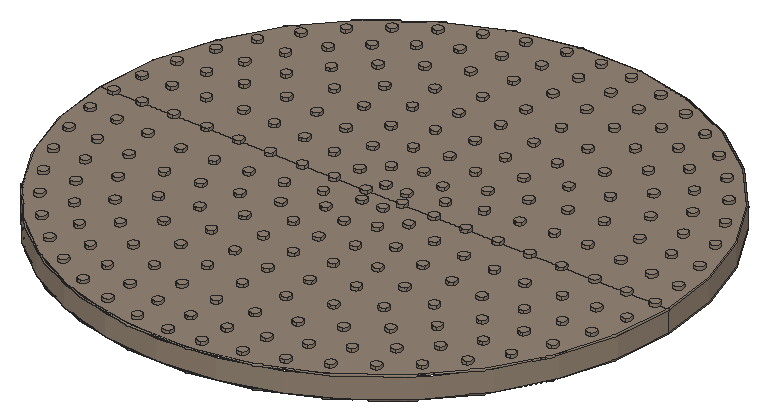
Revit family "Reece_Shower_Milli_Mood Edit_Shower Head_250 mm", category Plumbing Fixtures, host Face, Revit 2018
Family settings
  Host = Face
  Round Connector Dimension = Use Diameter
  Part Type = Normal
  Cut with Voids When Loaded = No
  Shared = Yes
  Room Calculation Point = Yes
Parameters (values of type "PVD Brushed Bronze")
  WFU = 0  # constant formula
  URL = "https://www.reece.com.au/product/-9511160"
  Reece_Shower_Inlet = 12 mm  # constant formula
  Reece_Product_Web Page = "https://www.reece.com.au/product/-9511160"
  Reece_Product_Sub Brand = "Mood Edit"  # constant formula
  Reece_Product_Number = "9511160"
  Reece_Product_Mount = "Ceiling Mounted"
  Reece_Product_Description = "Milli Mood Edit Shower Head 250mm PVD Brushed Bronze (3 Star)"
  Reece_Product_Brand = "Milli"  # constant formula
  Reece_Overall_Height = 60 mm  # constant formula
  Reece_Overall_Diameter = 250 mm  # constant formula
  Reece_Material_Main = Reece_PVD_Brushed Bronze
  Reece_Detail_Disclaimer = "THIS FILE IS THE PROPERTY OF THE REECE GROUP. IT MAY NOT BE REPRODUCED, REVERSE-ENGINEERED OR MODIFIED. ANY REPUBLICATION, TRANSMISSION OR DISTRIBUTION FOR THE PURPOSE OF COMMERCIALLY EXPLOITING THE FILES IS PROHIBITED."  # constant formula
  Reece_Detail_Additional = "Shower Head"  # constant formula
  Model = "Mood Edit"
  Manufacturer = "Milli"
  Keynote = "Product #9511160, Reece_Shower_Milli_Mood Edit_Shower Head_250 mm - PVD Brushed Bronze"
  HWFU = 0  # constant formula
  Disclaimer = "THIS FILE IS THE PROPERTY OF THE REECE GROUP. IT MAY NOT BE REPRODUCED, REVERSE-ENGINEERED OR MODIFIED. ANY REPUBLICATION, TRANSMISSION OR DISTRIBUTION FOR THE PURPOSE OF COMMERCIALLY EXPLOITING THE FILES IS PROHIBITED."  # constant formula
  Description = "Milli Mood Edit Shower Head 250mm PVD Brushed Bronze (3 Star)"
  Default Elevation = 0 mm
  CWFU = 0  # constant formula
Types (9, lengths in mm): name | URL | Reece_Product_Web Page | Reece_Product_Number | Reece_Product_Description | Reece_Material_Main | Keynote | Description
  Chrome | "https://www.reece.com.au/product/-2299614" | "https://www.reece.com.au/product/-2299614" | "2299614" | "Milli Mood Edit Shower Head 250mm Chrome (3 Star)" | Reece_Brass_Chrome | "Product #2299614, Reece_Shower_Milli_Mood Edit_Shower Head_250 mm - Chrome" | "Milli Mood Edit Shower Head 250mm Chrome (3 Star)"
  Brushed Nickel | "https://www.reece.com.au/product/-2299615" | "https://www.reece.com.au/product/-2299615" | "2299615" | "Milli Mood Edit Shower Head 250mm Brushed Nickel (3 Star)" | Reece_Brass_Brushed Nickel | "Product #2299615, Reece_Shower_Milli_Mood Edit_Shower Head_250 mm - Brushed Nickel" | "Milli Mood Edit Shower Head 250mm Brushed Nickel (3 Star)"
  Matte Black | "https://www.reece.com.au/product/-2299617" | "https://www.reece.com.au/product/-2299617" | "2299617" | "Milli Mood Edit Shower Head 250mm Matte Black (3 Star)" | Reece_Brass_Matte Black | "Product #2299617, Reece_Shower_Milli_Mood Edit_Shower Head_250 mm - Matte Black" | "Milli Mood Edit Shower Head 250mm Matte Black (3 Star)"
  Brushed Gunmetal | "https://www.reece.com.au/product/-2299616" | "https://www.reece.com.au/product/-2299616" | "2299616" | "Milli Mood Edit Shower Head 250mm Brushed Gunmetal (3 Star)" | Reece_Brass_Brushed Gunmetal | "Product #2299616, Reece_Shower_Milli_Mood Edit_Shower Head_250 mm - Brushed Gunmetal" | "Milli Mood Edit Shower Head 250mm Brushed Gunmetal (3 Star)"
  PVD Brushed Bronze | "https://www.reece.com.au/product/-9511160" | "https://www.reece.com.au/product/-9511160" | "9511160" | "Milli Mood Edit Shower Head 250mm PVD Brushed Bronze (3 Star)" | Reece_PVD_Brushed Bronze | "Product #9511160, Reece_Shower_Milli_Mood Edit_Shower Head_250 mm - PVD Brushed Bronze" | "Milli Mood Edit Shower Head 250mm PVD Brushed Bronze (3 Star)"
  PVD Brushed Gold | "https://www.reece.com.au/product/-9510975" | "https://www.reece.com.au/product/-9510975" | "9510975" | "Milli Mood Edit Shower Head 250mm PVD Brushed Gold (3 Star)" | Reece_PVD_Brushed Gold | "Product #9510975, Reece_Shower_Milli_Mood Edit_Shower Head_250 mm - PVD Brushed Gold" | "Milli Mood Edit Shower Head 250mm PVD Brushed Gold (3 Star)"
  PVD Brushed Gunmetal | "https://www.reece.com.au/product/-9511834" | "https://www.reece.com.au/product/-9511834" | "9511834" | "Milli Mood Edit Shower Head 250mm PVD Brushed Gunmetal (3 Star)" | Reece_PVD_Brushed Gunmetal | "Product #9511834, Reece_Shower_Milli_Mood Edit_Shower Head_250 mm - PVD Brushed Gunmetal" | "Milli Mood Edit Shower Head 250mm PVD Brushed Gunmetal (3 Star)"
  PVD Brushed Nickel | "https://www.reece.com.au/product/-9511649" | "https://www.reece.com.au/product/-9511649" | "9511649" | "Milli Mood Edit Shower Head 250mm PVD Brushed Nickel (3 Star)" | Reece_PVD_Brushed Nickel | "Product #9511649, Reece_Shower_Milli_Mood Edit_Shower Head_250 mm - PVD Brushed Nickel" | "Milli Mood Edit Shower Head 250mm PVD Brushed Nickel (3 Star)"
  PVD Matte Black | "https://www.reece.com.au/product/-9511464" | "https://www.reece.com.au/product/-9511464" | "9511464" | "Milli Mood Edit Shower Head 250mm PVD Matte Black (3 Star)" | Reece_PVD_Matte Black | "Product #9511464, Reece_Shower_Milli_Mood Edit_Shower Head_250 mm - PVD Matte Black" | "Milli Mood Edit Shower Head 250mm PVD Brushed Nickel (3 Star)"
Reference planes
  plane 1 "Center (Front/Back)": y = 0
  plane 2: z = 0
  plane 3 "Center (Left/Right)": x = 0
  plane 4: z = 60
  plane 5: y = 125
  plane 6: y = -125
  plane 7: x = 125
  plane 8: x = -125
  plane 9: z = 50
Forms (mm)
  Revolve 1, solid, material "Reece_PVD_Brushed Bronze" <- "Reece_Material_Main"
    sketch origin (0, 0, -187) x (1, 0, 0) y (0, 0, 1)
      loop
        line (0, 247) -> (0, 187) -> (11, 187) -> (11, 203) -> (9.387, 203)
        arc (9.387, 203) -> (8.576, 203.415) -> (8.439, 204.316) r 1
        line (8.439, 204.316) -> (9.772, 208.316)
        arc (9.772, 208.316) -> (10.136, 208.811) -> (10.721, 209) r 1
        line (10.721, 209) -> (16, 209)
        arc (16, 209) -> (16.477, 218.25) -> (16, 227.5) r 90
        line (16, 227.5) -> (15, 227.5) -> (15, 228.5) -> (16, 228.5) -> (16, 233.105)
        arc (16, 233.105) -> (16.202, 233.707) -> (16.726, 234.066) r 1
        line (16.726, 234.066) -> (24.324, 236.233)
        arc (24.324, 236.233) -> (27.04, 236.807) -> (29.809, 237) r 20
        line (29.809, 237) -> (124.5, 237)
        arc (124.5, 237) -> (124.854, 237.146) -> (125, 237.5) r 0.5
        line (125, 237.5) -> (125, 246.5)
        arc (125, 246.5) -> (124.854, 246.854) -> (124.5, 247) r 0.5
        line (124.5, 247) -> (0, 247)
      axis (0, 247) -> (0, 187)
    angle from 0 to 360
  Extrusion 2, void
    sketch origin (0, 0, 0) x (1, 0, 0) y (0, 1, 0)
      loop
        line (-10, 3.005) -> (-12, 3.005) -> (-12, -3.005) -> (-10, -3.005) -> (-10, 3.005)
      loop
        line (10, 3.005) -> (10, -3.005) -> (12, -3.005) -> (12, 3.005) -> (10, 3.005)
    from 10 to 16
  Extrusion 3, solid, material "Reece_PVD_Brushed Bronze" <- "Reece_Material_Main", detail levels fine
    sketch origin (2.068, -0.55, 6) x (0.866025, -0.5, 0) y (0.5, 0.866025, 0)
      loop
        circle (9.236, 17.47) r 2
      loop
        circle (-1.292, 20.706) r 2
      loop
        circle (19.65, 27.744) r 2
      loop
        circle (7.167, 33.9) r 2
      loop
        circle (-6.723, 34.811) r 2
      loop
        circle (31.171, 36.357) r 2
      loop
        circle (18.138, 44.821) r 2
      loop
        circle (3.126, 48.844) r 2
      loop
        circle (-12.394, 48.03) r 2
      loop
        circle (42.957, 44.466) r 2
      loop
        circle (29.77, 54.585) r 2
      loop
        circle (14.413, 60.946) r 2
      loop
        circle (-2.066, 63.116) r 2
      loop
        circle (-18.546, 60.946) r 2
      loop
        circle (54.752, 52.149) r 2
      loop
        circle (41.607, 63.465) r 2
      loop
        circle (26.275, 71.575) r 2
      loop
        circle (9.522, 76.064) r 2
      loop
        circle (-7.81, 76.73) r 2
      loop
        circle (-24.854, 73.517) r 2
      loop
        circle (68.722, 58.841) r 2
      loop
        circle (57.332, 70.231) r 2
      loop
        circle (44.137, 79.47) r 2
      loop
        circle (29.539, 86.277) r 2
      loop
        circle (13.98, 90.446) r 2
      loop
        circle (-2.066, 91.85) r 2
      loop
        circle (-18.113, 90.446) r 2
      loop
        circle (-33.671, 86.277) r 2
      loop
        circle (81.577, 65.216) r 2
      loop
        circle (71.368, 76.448) r 2
      loop
        circle (59.468, 85.58) r 2
      loop
        circle (46.704, 94.015) r 2
      loop
        circle (32.752, 99.992) r 2
      loop
        circle (18.091, 103.92) r 2
      loop
        circle (3.02, 105.728) r 2
      loop
        circle (-12.154, 105.37) r 2
      loop
        circle (-27.123, 102.857) r 2
      loop
        circle (-41.583, 98.24) r 2
      loop
        circle (92.91, 70.693) r 2
      loop
        circle (82.525, 82.534) r 2
      loop
        circle (70.684, 92.919) r 2
      loop
        circle (57.588, 101.669) r 2
      loop
        circle (43.462, 108.635) r 2
      loop
        circle (28.548, 113.698) r 2
      loop
        circle (13.101, 116.771) r 2
      loop
        circle (-2.615, 117.801) r 2
      loop
        circle (-18.332, 116.771) r 2
      loop
        circle (-33.779, 113.698) r 2
      loop
        circle (-48.693, 108.635) r 2
      loop
        circle (-23.329, -1.331) r 2
      loop
        circle (-20.868, 9.404) r 2
      loop
        circle (-37.434, -5.214) r 2
      loop
        circle (-36.524, 8.675) r 2
      loop
        circle (-30.368, 21.159) r 2
      loop
        circle (-50.654, -10.885) r 2
      loop
        circle (-51.467, 4.635) r 2
      loop
        circle (-47.445, 19.646) r 2
      loop
        circle (-38.981, 32.68) r 2
      loop
        circle (-63.57, -17.037) r 2
      loop
        circle (-65.739, -0.557) r 2
      loop
        circle (-63.57, 15.922) r 2
      loop
        circle (-57.209, 31.279) r 2
      loop
        circle (-47.09, 44.466) r 2
      loop
        circle (-76.12, -23.41) r 2
      loop
        circle (-79.348, -6.368) r 2
      loop
        circle (-78.705, 10.965) r 2
      loop
        circle (-74.216, 27.718) r 2
      loop
        circle (-66.127, 43.06) r 2
      loop
        circle (-54.822, 56.215) r 2
      loop
        circle (-88.901, -32.162) r 2
      loop
        circle (-93.07, -16.604) r 2
      loop
        circle (-94.473, -0.557) r 2
      loop
        circle (-93.07, 15.489) r 2
      loop
        circle (-88.901, 31.048) r 2
      loop
        circle (-82.093, 45.646) r 2
      loop
        circle (-72.854, 58.841) r 2
      loop
        circle (-61.464, 70.231) r 2
      loop
        circle (-100.85, -40.108) r 2
      loop
        circle (-105.472, -25.65) r 2
      loop
        circle (-107.43, -10.779) r 2
      loop
        circle (-108.354, 4.492) r 2
      loop
        circle (-106.554, 19.564) r 2
      loop
        circle (-102.625, 34.225) r 2
      loop
        circle (-96.656, 48.18) r 2
      loop
        circle (-88.759, 61.143) r 2
      loop
        circle (-79.098, 72.85) r 2
      loop
        circle (-67.869, 83.063) r 2
      loop
        circle (-111.259, -47.184) r 2
      loop
        circle (-116.322, -32.27) r 2
      loop
        circle (-119.394, -16.823) r 2
      loop
        circle (-120.424, -1.106) r 2
      loop
        circle (-119.394, 14.61) r 2
      loop
        circle (-116.322, 30.057) r 2
      loop
        circle (-111.259, 44.971) r 2
      loop
        circle (-104.293, 59.097) r 2
      loop
        circle (-95.543, 72.193) r 2
      loop
        circle (-85.158, 84.034) r 2
      loop
        circle (-73.316, 94.419) r 2
      loop
        circle (19.197, 0.217) r 2
      loop
        circle (16.735, -10.518) r 2
      loop
        circle (33.302, 4.099) r 2
      loop
        circle (32.391, -9.79) r 2
      loop
        circle (26.235, -22.274) r 2
      loop
        circle (46.521, 9.77) r 2
      loop
        circle (47.335, -5.75) r 2
      loop
        circle (43.312, -20.761) r 2
      loop
        circle (34.848, -33.795) r 2
      loop
        circle (59.437, 15.922) r 2
      loop
        circle (61.607, -0.557) r 2
      loop
        circle (59.437, -17.037) r 2
      loop
        circle (53.076, -32.394) r 2
      loop
        circle (42.957, -45.581) r 2
      loop
        circle (71.988, 22.295) r 2
      loop
        circle (75.216, 5.253) r 2
      loop
        circle (74.572, -12.079) r 2
      loop
        circle (70.083, -28.833) r 2
      loop
        circle (61.994, -44.175) r 2
      loop
        circle (50.69, -57.329) r 2
      loop
        circle (84.768, 31.048) r 2
      loop
        circle (88.937, 15.489) r 2
      loop
        circle (90.341, -0.557) r 2
      loop
        circle (88.937, -16.604) r 2
      loop
        circle (84.768, -32.162) r 2
      loop
        circle (77.961, -46.761) r 2
      loop
        circle (68.722, -59.956) r 2
      loop
        circle (57.332, -71.345) r 2
      loop
        circle (96.717, 38.993) r 2
      loop
        circle (101.34, 24.536) r 2
      loop
        circle (103.298, 9.664) r 2
      loop
        circle (104.221, -5.607) r 2
      loop
        circle (102.421, -20.678) r 2
      loop
        circle (98.493, -35.34) r 2
      loop
        circle (92.523, -49.295) r 2
      loop
        circle (84.626, -62.258) r 2
      loop
        circle (74.965, -73.965) r 2
      loop
        circle (63.737, -84.178) r 2
      loop
        circle (107.126, 46.069) r 2
      loop
        circle (112.189, 31.155) r 2
      loop
        circle (115.262, 15.708) r 2
      loop
        circle (116.292, -0.008) r 2
      loop
        circle (115.262, -15.725) r 2
      loop
        circle (112.189, -31.172) r 2
      loop
        circle (107.126, -46.086) r 2
      loop
        circle (100.16, -60.212) r 2
      loop
        circle (91.41, -73.308) r 2
      loop
        circle (81.025, -85.149) r 2
      loop
        circle (69.184, -95.534) r 2
      loop
        circle (-13.368, -18.585) r 2
      loop
        circle (-2.84, -21.82) r 2
      loop
        circle (-23.783, -28.859) r 2
      loop
        circle (-11.299, -35.015) r 2
      loop
        circle (2.59, -35.925) r 2
      loop
        circle (-35.304, -37.472) r 2
      loop
        circle (-22.27, -45.936) r 2
      loop
        circle (-7.259, -49.958) r 2
      loop
        circle (8.261, -49.145) r 2
      loop
        circle (-47.09, -45.581) r 2
      loop
        circle (-33.903, -55.7) r 2
      loop
        circle (-18.546, -62.061) r 2
      loop
        circle (-2.066, -64.23) r 2
      loop
        circle (14.413, -62.061) r 2
      loop
        circle (-58.884, -53.264) r 2
      loop
        circle (-45.74, -64.58) r 2
      loop
        circle (-30.407, -72.689) r 2
      loop
        circle (-13.654, -77.178) r 2
      loop
        circle (3.677, -77.844) r 2
      loop
        circle (20.722, -74.631) r 2
      loop
        circle (-72.854, -59.956) r 2
      loop
        circle (-61.464, -71.345) r 2
      loop
        circle (-48.27, -80.584) r 2
      loop
        circle (-33.671, -87.392) r 2
      loop
        circle (-18.113, -91.561) r 2
      loop
        circle (-2.066, -92.964) r 2
      loop
        circle (13.98, -91.561) r 2
      loop
        circle (29.539, -87.392) r 2
      loop
        circle (-85.71, -66.331) r 2
      loop
        circle (-75.501, -77.563) r 2
      loop
        circle (-63.6, -86.695) r 2
      loop
        circle (-50.837, -95.13) r 2
      loop
        circle (-36.885, -101.107) r 2
      loop
        circle (-22.223, -105.035) r 2
      loop
        circle (-7.153, -106.843) r 2
      loop
        circle (8.021, -106.485) r 2
      loop
        circle (22.991, -103.972) r 2
      loop
        circle (37.45, -99.355) r 2
      loop
        circle (-97.043, -71.808) r 2
      loop
        circle (-86.658, -83.649) r 2
      loop
        circle (-74.816, -94.034) r 2
      loop
        circle (-61.721, -102.784) r 2
      loop
        circle (-47.595, -109.75) r 2
      loop
        circle (-32.681, -114.813) r 2
      loop
        circle (-17.234, -117.885) r 2
      loop
        circle (-1.517, -118.915) r 2
      loop
        circle (14.199, -117.885) r 2
      loop
        circle (29.646, -114.813) r 2
      loop
        circle (44.561, -109.75) r 2
      loop
        circle (4.854, 3.313) r 2
      loop
        circle (16.979, 10.313) r 2
      loop
        circle (29.103, 17.313) r 2
      loop
        circle (41.227, 24.313) r 2
      loop
        circle (53.352, 31.313) r 2
      loop
        circle (65.476, 38.313) r 2
      loop
        circle (-8.879, -4.616) r 2
      loop
        circle (-21.003, -11.616) r 2
      loop
        circle (-33.127, -18.616) r 2
      loop
        circle (-45.252, -25.616) r 2
      loop
        circle (-57.376, -32.616) r 2
      loop
        circle (-69.5, -39.616) r 2
      loop
        circle (-82.11, -46.775) r 2
      loop
        circle (-94.226, -53.79) r 2
      loop
        circle (-105.043, -60.054) r 2
      loop
        circle (77.981, 45.654) r 2
      loop
        circle (90.114, 52.639) r 2
      loop
        circle (100.948, 58.874) r 2
      loop
        circle (-13.125, 18.379) r 2
      loop
        circle (-20.125, 30.504) r 2
      loop
        circle (-27.125, 42.628) r 2
      loop
        circle (-34.125, 54.752) r 2
      loop
        circle (-41.125, 66.877) r 2
      loop
        circle (-48.187, 79.542) r 2
      loop
        circle (-55.187, 91.667) r 2
      loop
        circle (-61.437, 102.492) r 2
      loop
        circle (8.804, -19.602) r 2
      loop
        circle (15.804, -31.727) r 2
      loop
        circle (22.804, -43.851) r 2
      loop
        circle (29.804, -55.975) r 2
      loop
        circle (36.804, -68.1) r 2
      loop
        circle (44.242, -80.549) r 2
      loop
        circle (51.242, -92.673) r 2
      loop
        circle (57.492, -103.498) r 2
      loop
        circle (-1.334, 7.371) r 2
      loop
        circle (-9.299, 2.773) r 2
      loop
        circle (5.166, -3.888) r 2
      loop
        circle (-2.798, -8.486) r 2
    from 54 to 55
Cuts and joins
  Extrusion 2 cuts Revolve 1
Text (mm)
  text "Reece Copyright © 2018, Reece Ltd." at (-684.407, -223.434, 0), in view "Ref. Level"
  text "Reece ©" at (-376.822, 575.02, -217.389), in view "Reece_Preview"
Dimensions and locks
  equal spacing: plane 5, plane 1 "Center (Front/Back)", plane 6
  equal spacing: plane 8, plane 3 "Center (Left/Right)", plane 7
  "Reece_Overall_Diameter": plane 8 to plane 7
  "Reece_Overall_Diameter": plane 5 to plane 6  (x2)
  "Reece_Overall_Height": plane 4 to plane 2
  plane 4 to plane 9 to level = 10 mm, 50 mm
  "Reece_Overall_Diameter": plane 9 to plane 8
  aligned and locked: plane 2 to host face
  aligned and locked: level to host face
  aligned and locked: Revolve 1 sketch curve to plane 7
  aligned and locked: Revolve 1 sketch curve to plane 4
Automatic sketch dimensions
  host sketch curve to host sketch curve = 407.898 mm
  host sketch curve to host sketch curve = 410.737 mm
  Extrusion 2 sketch curve to plane 1 "Center (Front/Back)" = 3.005 mm  (x2)
  Extrusion 2 sketch curve to plane 3 "Center (Left/Right)" = 12 mm
  Extrusion 2 sketch curve to Extrusion 2 sketch curve = 2 mm  (x2)
  plane 3 "Center (Left/Right)" to Extrusion 2 sketch curve = 10 mm
  plane 1 "Center (Front/Back)" to Extrusion 2 sketch curve = 3.005 mm  (x2)
  Revolve 1 sketch curve to plane 3 "Center (Left/Right)" = 0 mm
  plane 3 "Center (Left/Right)" to Revolve 1 sketch curve = 0 mm
  Revolve 1 sketch curve to level = 0 mm
  Revolve 1 sketch curve to plane 4 = 28.75 mm
  Revolve 1 sketch curve to plane 3 "Center (Left/Right)" = 73.523 mm
  plane 3 "Center (Left/Right)" to Revolve 1 sketch curve = 8.439 mm
  Revolve 1 sketch curve to Revolve 1 sketch curve = 0.949 mm  (x2)
  Revolve 1 sketch curve to Revolve 1 sketch curve = 1.333 mm
  Revolve 1 sketch curve to Revolve 1 sketch curve = 1.613 mm
  plane 3 "Center (Left/Right)" to Revolve 1 sketch curve = 15 mm
  Revolve 1 sketch curve to Revolve 1 sketch curve = 5.279 mm
  Revolve 1 sketch curve to Revolve 1 sketch curve = 1 mm  (x3)
  Revolve 1 sketch curve to Revolve 1 sketch curve = 0 mm
  Revolve 1 sketch curve to Revolve 1 sketch curve = 0.726 mm
  Revolve 1 sketch curve to Revolve 1 sketch curve = 0.274 mm
  Revolve 1 sketch curve to plane 4 = 10.767 mm
  Revolve 1 sketch curve to Revolve 1 sketch curve = 7.598 mm
  Revolve 1 sketch curve to Revolve 1 sketch curve = 13.809 mm
  Revolve 1 sketch curve to plane 7 = 0.5 mm
  Revolve 1 sketch curve to Revolve 1 sketch curve = 0.5 mm
  level to Revolve 1 sketch curve = 16 mm
  Revolve 1 sketch curve to Revolve 1 sketch curve = 4 mm
  Revolve 1 sketch curve to Revolve 1 sketch curve = 0.316 mm
  Revolve 1 sketch curve to Revolve 1 sketch curve = 8 mm
  Revolve 1 sketch curve to Revolve 1 sketch curve = 4.605 mm
  Revolve 1 sketch curve to Revolve 1 sketch curve = 796.6 mm
  Revolve 1 sketch curve to Revolve 1 sketch curve = 113.4 mm
  Extrusion 3 sketch curve to Extrusion 3 sketch curve = 0 mm  (x256)
  plane 8 to Extrusion 3 sketch curve = 22.224 mm
  Extrusion 3 sketch curve to plane 1 "Center (Front/Back)" = 58.704 mm
  Extrusion 3 sketch curve to Extrusion 3 sketch curve = 1.03 mm  (x2)
  Extrusion 3 sketch curve to Extrusion 3 sketch curve = 3.073 mm  (x2)
  Extrusion 3 sketch curve to Extrusion 3 sketch curve = 5.063 mm  (x2)
  Extrusion 3 sketch curve to Extrusion 3 sketch curve = 12.071 mm  (x2)
  Extrusion 3 sketch curve to Extrusion 3 sketch curve = 11.964 mm  (x2)
  Extrusion 3 sketch curve to Extrusion 3 sketch curve = 12.841 mm  (x2)
  Extrusion 3 sketch curve to Extrusion 3 sketch curve = 10.849 mm  (x2)
  Extrusion 3 sketch curve to Extrusion 3 sketch curve = 6.216 mm
  Extrusion 3 sketch curve to Extrusion 3 sketch curve = 6.966 mm
  Extrusion 3 sketch curve to Extrusion 3 sketch curve = 8.634 mm  (x2)
  Extrusion 3 sketch curve to Extrusion 3 sketch curve = 10.409 mm  (x2)
  Extrusion 3 sketch curve to Extrusion 3 sketch curve = 8 mm
  Extrusion 3 sketch curve to Extrusion 3 sketch curve = 7.637 mm  (x2)
  Extrusion 3 sketch curve to Extrusion 3 sketch curve = 8.75 mm
  Extrusion 3 sketch curve to Extrusion 3 sketch curve = 13.88 mm  (x2)
  Extrusion 3 sketch curve to Extrusion 3 sketch curve = 10.817 mm
  Extrusion 3 sketch curve to Extrusion 3 sketch curve = 12.403 mm
  Extrusion 3 sketch curve to Extrusion 3 sketch curve = 13.484 mm  (x2)
  Extrusion 3 sketch curve to Extrusion 3 sketch curve = 13.725 mm  (x2)
  Extrusion 3 sketch curve to Extrusion 3 sketch curve = 11.949 mm  (x2)
  Extrusion 3 sketch curve to Extrusion 3 sketch curve = 6.784 mm  (x2)
  Extrusion 3 sketch curve to Extrusion 3 sketch curve = 10.385 mm  (x2)
  Extrusion 3 sketch curve to Extrusion 3 sketch curve = 11.333 mm  (x2)
  Extrusion 3 sketch curve to Extrusion 3 sketch curve = 12.116 mm
  Extrusion 3 sketch curve to Extrusion 3 sketch curve = 14.562 mm  (x2)
  Extrusion 3 sketch curve to Extrusion 3 sketch curve = 15.125 mm
  Extrusion 3 sketch curve to Extrusion 3 sketch curve = 6.06 mm  (x2)
  Extrusion 3 sketch curve to Extrusion 3 sketch curve = 14.365 mm  (x2)
  Extrusion 3 sketch curve to Extrusion 3 sketch curve = 12.78 mm  (x2)
  Extrusion 3 sketch curve to Extrusion 3 sketch curve = 11.157 mm  (x2)
  Extrusion 3 sketch curve to Extrusion 3 sketch curve = 11.841 mm  (x2)
  Extrusion 3 sketch curve to Extrusion 3 sketch curve = 14.685 mm  (x2)
  Extrusion 3 sketch curve to Extrusion 3 sketch curve = 12.856 mm  (x2)
  Extrusion 3 sketch curve to Extrusion 3 sketch curve = 6.243 mm
  Extrusion 3 sketch curve to Extrusion 3 sketch curve = 12.61 mm
  Extrusion 3 sketch curve to Extrusion 3 sketch curve = 5.447 mm  (x2)
  Extrusion 3 sketch curve to Extrusion 3 sketch curve = 15.966 mm
  Extrusion 3 sketch curve to Extrusion 3 sketch curve = 13.609 mm  (x2)
  Extrusion 3 sketch curve to Extrusion 3 sketch curve = 11.216 mm  (x2)
  Extrusion 3 sketch curve to Extrusion 3 sketch curve = 12.551 mm  (x2)
  Extrusion 3 sketch curve to Extrusion 3 sketch curve = 10.646 mm  (x2)
  Extrusion 3 sketch curve to Extrusion 3 sketch curve = 13.096 mm
  Extrusion 3 sketch curve to Extrusion 3 sketch curve = 14.036 mm
  Extrusion 3 sketch curve to Extrusion 3 sketch curve = 6.405 mm  (x2)
  Extrusion 3 sketch curve to Extrusion 3 sketch curve = 11.88 mm
  Extrusion 3 sketch curve to Extrusion 3 sketch curve = 13.97 mm  (x2)
  Extrusion 3 sketch curve to Extrusion 3 sketch curve = 12.124 mm  (x16)
  Extrusion 3 sketch curve to Extrusion 3 sketch curve = 8.918 mm  (x2)
  Extrusion 3 sketch curve to Extrusion 3 sketch curve = 6.25 mm  (x2)
  Extrusion 3 sketch curve to Extrusion 3 sketch curve = 6.642 mm  (x2)
  Extrusion 3 sketch curve to Extrusion 3 sketch curve = 14.272 mm  (x4)
  Extrusion 3 sketch curve to Extrusion 3 sketch curve = 10.884 mm  (x2)
  Extrusion 3 sketch curve to Extrusion 3 sketch curve = 12.916 mm  (x4)
  Extrusion 3 sketch curve to Extrusion 3 sketch curve = 12.744 mm
  Extrusion 3 sketch curve to Extrusion 3 sketch curve = 2.567 mm  (x2)
  Extrusion 3 sketch curve to Extrusion 3 sketch curve = 7 mm  (x14)
  Extrusion 3 sketch curve to Extrusion 3 sketch curve = 3.242 mm
  Extrusion 3 sketch curve to Extrusion 3 sketch curve = 9.764 mm  (x4)
  Extrusion 3 sketch curve to Extrusion 3 sketch curve = 11.794 mm  (x2)
  Extrusion 3 sketch curve to Extrusion 3 sketch curve = 7.732 mm  (x2)
  Extrusion 3 sketch curve to Extrusion 3 sketch curve = 2.53 mm
  Extrusion 3 sketch curve to Extrusion 3 sketch curve = 7.111 mm  (x2)
  Extrusion 3 sketch curve to Extrusion 3 sketch curve = 7.062 mm
  Extrusion 3 sketch curve to Extrusion 3 sketch curve = 8.109 mm  (x4)
  Extrusion 3 sketch curve to Extrusion 3 sketch curve = 13.22 mm  (x4)
  Extrusion 3 sketch curve to Extrusion 3 sketch curve = 10.71 mm  (x2)
  Extrusion 3 sketch curve to Extrusion 3 sketch curve = 0.91 mm  (x2)
  Extrusion 3 sketch curve to Extrusion 3 sketch curve = 11.786 mm  (x4)
  Extrusion 3 sketch curve to Extrusion 3 sketch curve = 11.837 mm  (x2)
  Extrusion 3 sketch curve to Extrusion 3 sketch curve = 14.914 mm
  Extrusion 3 sketch curve to Extrusion 3 sketch curve = 7.911 mm  (x2)
  Extrusion 3 sketch curve to Extrusion 3 sketch curve = 3.213 mm  (x2)
  Extrusion 3 sketch curve to Extrusion 3 sketch curve = 4.204 mm
  Extrusion 3 sketch curve to Extrusion 3 sketch curve = 3.264 mm  (x2)
  Extrusion 3 sketch curve to Extrusion 3 sketch curve = 6.156 mm  (x4)
  Extrusion 3 sketch curve to Extrusion 3 sketch curve = 6.656 mm  (x2)
  Extrusion 3 sketch curve to Extrusion 3 sketch curve = 8.817 mm  (x2)
  Extrusion 3 sketch curve to Extrusion 3 sketch curve = 9.345 mm  (x2)
  Extrusion 3 sketch curve to Extrusion 3 sketch curve = 14.105 mm
  Extrusion 3 sketch curve to Extrusion 3 sketch curve = 11.633 mm  (x4)
  Extrusion 3 sketch curve to Extrusion 3 sketch curve = 10.458 mm  (x2)
  Extrusion 3 sketch curve to Extrusion 3 sketch curve = 2.326 mm
  Extrusion 3 sketch curve to Extrusion 3 sketch curve = 2.462 mm
  Extrusion 3 sketch curve to Extrusion 3 sketch curve = 10.243 mm  (x2)
  Extrusion 3 sketch curve to Extrusion 3 sketch curve = 11.861 mm  (x2)
  Extrusion 3 sketch curve to Extrusion 3 sketch curve = 6.308 mm  (x2)
  Extrusion 3 sketch curve to Extrusion 3 sketch curve = 15.447 mm
  Extrusion 3 sketch curve to Extrusion 3 sketch curve = 4.111 mm
  Extrusion 3 sketch curve to Extrusion 3 sketch curve = 9.011 mm
  Extrusion 3 sketch curve to Extrusion 3 sketch curve = 4.99 mm  (x2)
  Extrusion 3 sketch curve to Extrusion 3 sketch curve = 4.458 mm  (x2)
  Extrusion 3 sketch curve to Extrusion 3 sketch curve = 7.635 mm
  Extrusion 3 sketch curve to Extrusion 3 sketch curve = 7.743 mm  (x2)
  Extrusion 3 sketch curve to Extrusion 3 sketch curve = 6.152 mm  (x4)
  Extrusion 3 sketch curve to Extrusion 3 sketch curve = 6.178 mm  (x2)
  Extrusion 3 sketch curve to Extrusion 3 sketch curve = 12.484 mm  (x4)
  Extrusion 3 sketch curve to Extrusion 3 sketch curve = 11.569 mm
  Extrusion 3 sketch curve to Extrusion 3 sketch curve = 0.42 mm
  Extrusion 3 sketch curve to Extrusion 3 sketch curve = 10.303 mm
  Extrusion 3 sketch curve to Extrusion 3 sketch curve = 4.041 mm  (x2)
  Extrusion 3 sketch curve to Extrusion 3 sketch curve = 10.081 mm  (x2)
  Extrusion 3 sketch curve to Extrusion 3 sketch curve = 13.402 mm
  Extrusion 3 sketch curve to Extrusion 3 sketch curve = 10.528 mm  (x2)
  Extrusion 3 sketch curve to Extrusion 3 sketch curve = 6.08 mm
  Extrusion 3 sketch curve to Extrusion 3 sketch curve = 9.539 mm
  Extrusion 3 sketch curve to Extrusion 3 sketch curve = 5.743 mm  (x2)
  Extrusion 3 sketch curve to Extrusion 3 sketch curve = 5.087 mm
  Extrusion 3 sketch curve to Extrusion 3 sketch curve = 16.046 mm  (x2)
  Extrusion 3 sketch curve to Extrusion 3 sketch curve = 5.192 mm  (x4)
  Extrusion 3 sketch curve to Extrusion 3 sketch curve = 5.636 mm  (x2)
  Extrusion 3 sketch curve to Extrusion 3 sketch curve = 7.965 mm
  Extrusion 3 sketch curve to Extrusion 3 sketch curve = 11.832 mm
  Extrusion 3 sketch curve to Extrusion 3 sketch curve = 13.889 mm  (x4)
  Extrusion 3 sketch curve to Extrusion 3 sketch curve = 6.189 mm
  Extrusion 3 sketch curve to Extrusion 3 sketch curve = 0.312 mm
  Extrusion 3 sketch curve to Extrusion 3 sketch curve = 15.174 mm
  Extrusion 3 sketch curve to Extrusion 3 sketch curve = 5.671 mm  (x3)
  Extrusion 3 sketch curve to Extrusion 3 sketch curve = 11.645 mm
  Extrusion 3 sketch curve to Extrusion 3 sketch curve = 17.331 mm
  Extrusion 3 sketch curve to Extrusion 3 sketch curve = 5.959 mm
  Extrusion 3 sketch curve to Extrusion 3 sketch curve = 4.892 mm
  Extrusion 3 sketch curve to Extrusion 3 sketch curve = 13.214 mm  (x2)
  Extrusion 3 sketch curve to Extrusion 3 sketch curve = 7.931 mm
  Extrusion 3 sketch curve to Extrusion 3 sketch curve = 10.971 mm  (x3)
  Extrusion 3 sketch curve to Extrusion 3 sketch curve = 2.218 mm
  Extrusion 3 sketch curve to Extrusion 3 sketch curve = 14.969 mm
  Extrusion 3 sketch curve to Extrusion 3 sketch curve = 10.431 mm  (x2)
  Extrusion 3 sketch curve to Extrusion 3 sketch curve = 11.521 mm  (x3)
  Extrusion 3 sketch curve to Extrusion 3 sketch curve = 4.199 mm  (x2)
  Extrusion 3 sketch curve to Extrusion 3 sketch curve = 8.613 mm  (x3)
  Extrusion 3 sketch curve to Extrusion 3 sketch curve = 10.921 mm  (x3)
  Extrusion 3 sketch curve to Extrusion 3 sketch curve = 14.598 mm  (x3)
  Extrusion 3 sketch curve to Extrusion 3 sketch curve = 7.438 mm
  Extrusion 3 sketch curve to Extrusion 3 sketch curve = 14.943 mm  (x3)
  Extrusion 3 sketch curve to Extrusion 3 sketch curve = 13.195 mm  (x3)
  Extrusion 3 sketch curve to Extrusion 3 sketch curve = 12.103 mm
  Extrusion 3 sketch curve to Extrusion 3 sketch curve = 12.763 mm
  Extrusion 3 sketch curve to Extrusion 3 sketch curve = 11.39 mm  (x3)
  Extrusion 3 sketch curve to Extrusion 3 sketch curve = 11.9 mm
  Extrusion 3 sketch curve to Extrusion 3 sketch curve = 15.135 mm
  Extrusion 3 sketch curve to Extrusion 3 sketch curve = 11.228 mm
  Extrusion 3 sketch curve to Extrusion 3 sketch curve = 9.239 mm  (x3)
  Extrusion 3 sketch curve to Extrusion 3 sketch curve = 12.505 mm
  Extrusion 3 sketch curve to Extrusion 3 sketch curve = 9.661 mm
  Extrusion 3 sketch curve to Extrusion 3 sketch curve = 4.169 mm  (x3)
  Extrusion 3 sketch curve to Extrusion 3 sketch curve = 12.133 mm
  Extrusion 3 sketch curve to Extrusion 3 sketch curve = 1.404 mm  (x3)
  Extrusion 3 sketch curve to Extrusion 3 sketch curve = 10.834 mm
  Extrusion 3 sketch curve to Extrusion 3 sketch curve = 4.622 mm
  Extrusion 3 sketch curve to Extrusion 3 sketch curve = 1.958 mm
  Extrusion 3 sketch curve to Extrusion 3 sketch curve = 13.696 mm
  Extrusion 3 sketch curve to Extrusion 3 sketch curve = 0.225 mm
  Extrusion 3 sketch curve to Extrusion 3 sketch curve = 2.556 mm
  Extrusion 3 sketch curve to Extrusion 3 sketch curve = 0.728 mm
  Extrusion 3 sketch curve to Extrusion 3 sketch curve = 3.882 mm
  Extrusion 3 sketch curve to Extrusion 3 sketch curve = 1.719 mm
  Extrusion 3 sketch curve to Extrusion 3 sketch curve = 1.862 mm
  Extrusion 3 sketch curve to Extrusion 3 sketch curve = 5.262 mm
  Extrusion 3 sketch curve to Extrusion 3 sketch curve = 3.871 mm
  Extrusion 3 sketch curve to Extrusion 3 sketch curve = 6.631 mm
  Extrusion 3 sketch curve to Extrusion 3 sketch curve = 9.672 mm
  Extrusion 3 sketch curve to Extrusion 3 sketch curve = 10.284 mm
  Extrusion 3 sketch curve to Extrusion 3 sketch curve = 6.33 mm
  Extrusion 3 sketch curve to Extrusion 3 sketch curve = 10.118 mm  (x2)
  Extrusion 3 sketch curve to Extrusion 3 sketch curve = 5.825 mm  (x2)
  Extrusion 3 sketch curve to Extrusion 3 sketch curve = 4.524 mm  (x2)
  Extrusion 3 sketch curve to Extrusion 3 sketch curve = 6.044 mm  (x2)
  Extrusion 3 sketch curve to Extrusion 3 sketch curve = 4.958 mm  (x2)
  Extrusion 3 sketch curve to Extrusion 3 sketch curve = 6.969 mm
  Extrusion 3 sketch curve to Extrusion 3 sketch curve = 9.084 mm
  Extrusion 3 sketch curve to Extrusion 3 sketch curve = 4.954 mm  (x2)
  Extrusion 3 sketch curve to Extrusion 3 sketch curve = 3.236 mm  (x2)
  Extrusion 3 sketch curve to Extrusion 3 sketch curve = 6.373 mm  (x2)
  Extrusion 3 sketch curve to Extrusion 3 sketch curve = 14.872 mm  (x2)
  Extrusion 3 sketch curve to Extrusion 3 sketch curve = 11.795 mm  (x2)
  Extrusion 3 sketch curve to Extrusion 3 sketch curve = 10.494 mm  (x2)
  Extrusion 3 sketch curve to Extrusion 3 sketch curve = 8.752 mm  (x2)
  Extrusion 3 sketch curve to Extrusion 3 sketch curve = 3.33 mm  (x2)
  Extrusion 3 sketch curve to Extrusion 3 sketch curve = 6.62 mm  (x2)
  Extrusion 3 sketch curve to Extrusion 3 sketch curve = 3.177 mm  (x2)
  Extrusion 3 sketch curve to Extrusion 3 sketch curve = 7.946 mm  (x2)
  Extrusion 3 sketch curve to Extrusion 3 sketch curve = 11.781 mm  (x2)
  Extrusion 3 sketch curve to Extrusion 3 sketch curve = 10.746 mm  (x2)
  Extrusion 3 sketch curve to Extrusion 3 sketch curve = 7.159 mm
  Extrusion 3 sketch curve to Extrusion 3 sketch curve = 7.076 mm  (x2)
  Extrusion 3 sketch curve to Extrusion 3 sketch curve = 2.534 mm  (x2)
  Extrusion 3 sketch curve to Extrusion 3 sketch curve = 7.683 mm  (x2)
  Extrusion 3 sketch curve to Extrusion 3 sketch curve = 7.015 mm
  Extrusion 3 sketch curve to Extrusion 3 sketch curve = 11.748 mm  (x2)
  Extrusion 3 sketch curve to Extrusion 3 sketch curve = 6.692 mm  (x2)
  Extrusion 3 sketch curve to Extrusion 3 sketch curve = 6.265 mm
  Extrusion 3 sketch curve to Extrusion 3 sketch curve = 10.917 mm  (x2)
  Extrusion 3 sketch curve to Extrusion 3 sketch curve = 16.125 mm  (x2)
  Extrusion 3 sketch curve to Extrusion 3 sketch curve = 12.963 mm  (x2)
  Extrusion 3 sketch curve to Extrusion 3 sketch curve = 8.88 mm  (x2)
  Extrusion 3 sketch curve to Extrusion 3 sketch curve = 6.376 mm  (x2)
  Extrusion 3 sketch curve to Extrusion 3 sketch curve = 14.016 mm  (x2)
  Extrusion 3 sketch curve to Extrusion 3 sketch curve = 5.476 mm  (x2)
  Extrusion 3 sketch curve to Extrusion 3 sketch curve = 10.629 mm  (x2)
  Extrusion 3 sketch curve to Extrusion 3 sketch curve = 11.05 mm  (x2)
  Extrusion 3 sketch curve to Extrusion 3 sketch curve = 11.707 mm  (x2)
  Extrusion 3 sketch curve to Extrusion 3 sketch curve = 12.571 mm  (x2)
  Extrusion 3 sketch curve to Extrusion 3 sketch curve = 15.118 mm  (x2)
  Extrusion 3 sketch curve to Extrusion 3 sketch curve = 11.232 mm  (x2)
  Extrusion 3 sketch curve to Extrusion 3 sketch curve = 13.614 mm  (x2)
  Extrusion 3 sketch curve to Extrusion 3 sketch curve = 12.449 mm
  Extrusion 3 sketch curve to Extrusion 3 sketch curve = 6.086 mm  (x2)
  Extrusion 3 sketch curve to Extrusion 3 sketch curve = 12.833 mm  (x2)
  Extrusion 3 sketch curve to Extrusion 3 sketch curve = 11.184 mm  (x2)
  Extrusion 3 sketch curve to Extrusion 3 sketch curve = 9.131 mm  (x2)
  Extrusion 3 sketch curve to Extrusion 3 sketch curve = 14.702 mm  (x2)
  Extrusion 3 sketch curve to Extrusion 3 sketch curve = 6.843 mm
  Extrusion 3 sketch curve to Extrusion 3 sketch curve = 14.382 mm  (x2)
  Extrusion 3 sketch curve to Extrusion 3 sketch curve = 7.339 mm  (x2)
  Extrusion 3 sketch curve to Extrusion 3 sketch curve = 14.545 mm  (x2)
  Extrusion 3 sketch curve to Extrusion 3 sketch curve = 11.356 mm  (x2)
  Extrusion 3 sketch curve to Extrusion 3 sketch curve = 6.682 mm
  Extrusion 3 sketch curve to Extrusion 3 sketch curve = 13.715 mm  (x2)
  Extrusion 3 sketch curve to Extrusion 3 sketch curve = 7.654 mm  (x2)
  Extrusion 3 sketch curve to Extrusion 3 sketch curve = 10.825 mm  (x2)
  Extrusion 3 sketch curve to Extrusion 3 sketch curve = 4.617 mm  (x2)
  Extrusion 3 sketch curve to Extrusion 3 sketch curve = 13.475 mm  (x2)
  Extrusion 3 sketch curve to Extrusion 3 sketch curve = 2.513 mm  (x2)
  Extrusion 3 sketch curve to Extrusion 3 sketch curve = 13.878 mm  (x2)
  Extrusion 3 sketch curve to Extrusion 3 sketch curve = 6.252 mm
  Extrusion 3 sketch curve to Extrusion 3 sketch curve = 8.643 mm  (x2)
  Extrusion 3 sketch curve to Extrusion 3 sketch curve = 9.778 mm  (x2)
  Extrusion 3 sketch curve to Extrusion 3 sketch curve = 10.84 mm  (x2)
  Extrusion 3 sketch curve to Extrusion 3 sketch curve = 12.85 mm  (x2)
  Extrusion 3 sketch curve to Extrusion 3 sketch curve = 11.4 mm  (x2)
  Extrusion 3 sketch curve to Extrusion 3 sketch curve = 12.073 mm  (x2)
  Extrusion 3 sketch curve to Extrusion 3 sketch curve = 5.05 mm
  Extrusion 3 sketch curve to Extrusion 3 sketch curve = 5.811 mm  (x2)
  Extrusion 3 sketch curve to Extrusion 3 sketch curve = 5.599 mm  (x2)
  Extrusion 3 sketch curve to Extrusion 3 sketch curve = 10.735 mm  (x2)
  Extrusion 3 sketch curve to Extrusion 3 sketch curve = 7.389 mm
  Extrusion 3 sketch curve to Extrusion 3 sketch curve = 7.201 mm
  Extrusion 3 sketch curve to Extrusion 3 sketch curve = 4.058 mm
  Extrusion 3 sketch curve to Extrusion 3 sketch curve = 15.271 mm
  Extrusion 3 sketch curve to Extrusion 3 sketch curve = 10.096 mm
  Extrusion 3 sketch curve to Extrusion 3 sketch curve = 17.333 mm
  Extrusion 3 sketch curve to Extrusion 3 sketch curve = 7.157 mm
  Extrusion 3 sketch curve to Extrusion 3 sketch curve = 8.975 mm
  Extrusion 3 sketch curve to Extrusion 3 sketch curve = 7.341 mm
  Extrusion 3 sketch curve to Extrusion 3 sketch curve = 6.985 mm
  Extrusion 3 sketch curve to Extrusion 3 sketch curve = 6.235 mm
  Extrusion 3 sketch curve to Extrusion 3 sketch curve = 12.666 mm
  Extrusion 3 sketch curve to Extrusion 3 sketch curve = 12.76 mm
  Extrusion 3 sketch curve to Extrusion 3 sketch curve = 11.963 mm
  Extrusion 3 sketch curve to Extrusion 3 sketch curve = 10.395 mm
  Extrusion 3 sketch curve to Extrusion 3 sketch curve = 1.733 mm  (x122)
  Extrusion 3 sketch curve to Extrusion 3 sketch curve = 0.002 mm  (x122)
  Extrusion 3 sketch curve to Extrusion 3 sketch curve = 1 mm  (x6)
  Extrusion 3 sketch curve to Extrusion 3 sketch curve = 2 mm  (x64)
  Extrusion 3 sketch curve to Extrusion 3 sketch curve = 0.998 mm  (x61)
  Extrusion 3 sketch curve to Extrusion 3 sketch curve = 1.732 mm  (x3)
  radius of Extrusion 3 sketch curve = 2 mm  (x106)
Connectors
  piping at (0, 0, 0), diameter 12, driven by "Reece_Shower_Inlet"
    settings: on cut or joined group of Revolve 1, Extrusion 2, index 1, connector inside diameter 609.6 mm, connector length 0 mm, flow factor 0, pipe flow 0.0 L/s, pressure drop 0.0 Pa, fitting loss kfactor 0, connector angle 0.00°, fixture units 0, engagement length 0 mm, angle of deflection 0.00°, flow configuration 0, flow direction 1, fitting loss method 0, system type 29, joint type 0, gender type 0, connector reference index -1, connector utility 0, adjustable connector no, is connector primary yes, connector description ""
